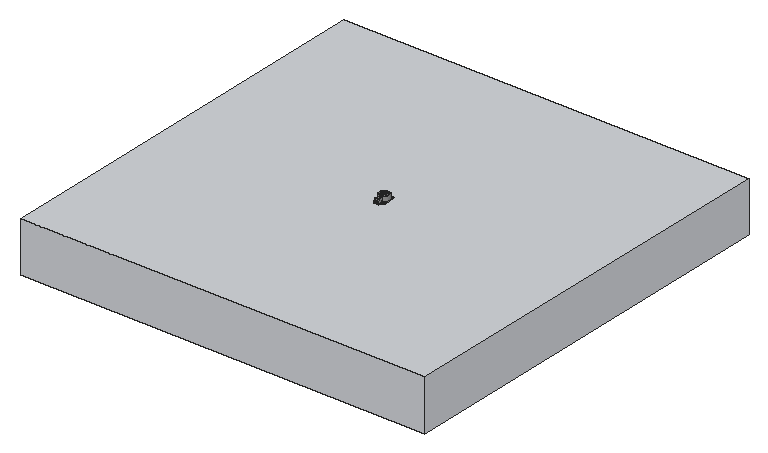
Revit family "Hekatron_Feststellanlagen_THM 425_DE_22.01", category Brandmelder, Revit 2018
Family settings
  Basisbauteil = Fläche
  Beschriftungsausrichtung beibehalten = Nein
  Bemaßung runder Anschluss = Durchmesser verwenden
  Teiletyp = Normal
  Beim Laden mit Abzugskörper schneiden = Nein
  Gemeinsam genutzt = Nein
  Raumberechnungspunkt = Nein
Parameters (values of type "THM 425")
  Zulässige Umgebungstemperatur = "0 °C bis +50 °C"
  Zulässige Luftgeschwindigkeit = ""
  Zulassungen nach EN 54 = ""
  Width [instance] = 65 mm
  Version des BIM Objektes = "22.01"
  VdS-Anerkennung = ""
  URL = "https://www.hekatron-brandschutz.de"
  UB A&S Artikel Nummer = "6500016"
  Typenkommentare = "Türhaftmagnet THM 425"
  Tiefe (mm) = "65.0"
  Stromaufnahme = "max. 63mA"
  Schutzart = "IP 40"
  Rauchteil einstellbar = ""
  Nettogewicht (g) = ""
  Montageart = "Aufputz"
  Modell = "THM 425"
  Material = "Metall"
  Link zum Datenblatt = ""
  Link zu ausschreiben.de = "http://www.ausschreiben.de/katalog/Hekatron/position/61"
  Link zu Produktinformation = "https://www.hekatron-planungstools.de/Produktinfo/THM_425.PDF"
  Link zu Ausschreibungstext = "https://www.meinhplus.de/login"
  Leistungserklärung (DoP) = "CPR-31-13-502-de-en"
  Lautstärke DIN-Ton (dB) = ""
  Kabeleinführung = "unten"
  Höhe (mm) = "93.0"
  Hersteller = "Hekatron"
  Heigth [instance] = 93 mm
  Funktionsprinzip = ""
  Farbe = "Metall / Schwarz"
  Ex-Zonen = ""
  Einstellung Temperaturklasse nach EN 54-5 = ""
  Einstellung Temperaturindex nach EN 54-5 = ""
  Einstellung Rauchempfindlichkeit nach EN 54-20 = ""
  Einstellen Rauchempfindlichkeit nach EN 54-7 = ""
  EG-Konformitätszertifikat / Zertifikat der Leistungsbeständigkeit = "0786-CPR-21432"
  Durchmesser (mm) = ""
  Depth [instance] = 26.4 mm
  Vorgabe-Ansicht = 1200 mm
  Breite (mm) = "26.0"
  Betriebsspannung = "24 V DC"
  Beschreibung = "Türhaftmagnet in runder Bauform mit verdeckten Anschlussklemmen. Mit Verpolschutz und Löschdiode. Passend zur Ankerplatte ASS 65."
  Bauartgenehmigungen = "Z-6.500-2405, Z-6.500-2325, Z-6.500-2340, Z-6.500-2359, Z-6.500-2393, Z-6.500-2394, Z-6.500-2414, Z-6.500-2415, Z-6.500-2365, Z-6.500-2403, Z-6.500-2419, Z-6.500-2298, Z-6.500-2442, Z-6.500-2411, Z-6.500-2444, Z-6.500-2436, Z-6.500-2451, Z-6.500-2452, Z-6.500-2454, Z-6.500-2459, Z-6.500-2499, Z-6.500-2515"
  Anzahl Ansaugleitungen = ""
  Ansprechtemperatur = ""
  Alarm- & Empfindlichkeitsbereich = ""
Reference planes
  plane 1 "Center (Front/Back)": y = 0
  plane 2: z = 0
  plane 3 "Center (Left/Right)": x = 0
Forms (mm)
  Extrusion 1, solid
    sketch origin (0, 0, 0) x (1, 0, 0) y (0, 1, 0)
      loop
        line (-1219.2, 1219.2) -> (-1219.2, -1219.2) -> (1219.2, -1219.2) -> (1219.2, 1219.2) -> (-1219.2, 1219.2)
    from 0 to -304.8
  Extrusion 2, solid, material "Stainless Steel"
    sketch origin (0, 0, 0) x (1, 0, 0) y (0, 1, 0)
      loop
        line (-32.5, 32.5) -> (-32.5, -32.5) -> (-12.5, -60.5) -> (12.5, -60.5) -> (32.5, -32.5) -> (32.5, 32.5) -> (-32.5, 32.5)
      loop
        circle (0, 0) r 8.25
    from 0 to 3
  Revolve 3, void
    sketch origin (1.367, 27.5, 0) x (-1, 0, 0) y (0, 0, -1)
      loop
        line (-30.683, -3) -> (-26.133, -3) -> (-26.133, 0) -> (-28.283, 0) -> (-28.283, -0.8) -> (-30.683, -3)
      axis (-26.133, 0) -> (-26.133, -3)
    angle from 0 to 360
  Revolve 4, void
    sketch origin (-1.367, -27.5, 0) x (1, 0, 0) y (0, 0, -1)
      loop
        line (-30.683, -3) -> (-26.133, -3) -> (-26.133, 0) -> (-28.283, 0) -> (-28.283, -0.8) -> (-30.683, -3)
      axis (-26.133, 0) -> (-26.133, -3)
    angle from 0 to 360
  Revolve 5, void
    sketch origin (27.5, -1.367, 0) x (0, 1, 0) y (0, 0, -1)
      loop
        line (-30.683, -3) -> (-26.133, -3) -> (-26.133, 0) -> (-28.283, 0) -> (-28.283, -0.8) -> (-30.683, -3)
      axis (-26.133, 0) -> (-26.133, -3)
    angle from 0 to 360
  Revolve 6, void
    sketch origin (48.133, 0, 3) x (1, 0, 0) y (0, 0, 1)
      loop
        line (-30.683, -3) -> (-26.133, -3) -> (-26.133, 0) -> (-28.283, 0) -> (-28.283, -0.8) -> (-30.683, -3)
      axis (-26.133, 0) -> (-26.133, -3)
    angle from 0 to 360
  Revolve 7, void
    sketch origin (-1.367, 27.5, 0) x (1, 0, 0) y (0, 0, 1)
      loop
        line (-30.683, 3) -> (-28.283, 0.8) -> (-28.283, 0) -> (-26.133, 0) -> (-26.133, 3) -> (-30.683, 3)
      axis (-26.133, 0) -> (-26.133, 3)
    angle from 0 to 360
  Revolve 8, void
    sketch origin (15.133, -19.093, 3) x (1, 0, 0) y (0, 0, -1)
      loop
        line (-30.683, 3) -> (-28.283, 0.8) -> (-28.283, 0) -> (-26.133, 0) -> (-26.133, 3) -> (-30.683, 3)
      axis (-26.133, 0) -> (-26.133, 3)
    angle from 0 to 360
  Revolve 9, void
    sketch origin (15.133, 19.093, 3) x (1, 0, 0) y (0, 0, 1)
      loop
        line (-30.683, -3) -> (-26.133, -3) -> (-26.133, 0) -> (-28.283, 0) -> (-28.283, -0.8) -> (-30.683, -3)
      axis (-26.133, 0) -> (-26.133, -3)
    angle from 0 to 360
  Extrusion 10, solid, material "Stainless Steel"
    sketch origin (0, 0, 0) x (1, 0, 0) y (0, 1, 0)
      loop
        circle (0, 0) r 30
      loop
        circle (0, 0) r 26.01
    from 3 to 26.1
  Extrusion 11, solid, material "Neodymium"
    sketch origin (0, 0, 0) x (1, 0, 0) y (0, 1, 0)
      loop
        circle (0, 0) r 26.01
      loop
        circle (0, 0) r 14.99
    from 3 to 25.8
  Extrusion 12, solid, material "Silver"
    sketch origin (0, 0, 0) x (1, 0, 0) y (0, 1, 0)
      loop
        circle (0, 0) r 14.99
      loop
        circle (0, 0) r 3.08
    from 3 to 26.1
  Extrusion 13, solid, material "Silver"
    sketch origin (0, 0, 0) x (1, 0, 0) y (0, 1, 0)
      loop
        circle (0, 0) r 3.08
    from 3 to 25.8
  Extrusion 14, solid, material "Brass"
    sketch origin (0, 0, 0) x (1, 0, 0) y (0, 1, 0)
      loop
        circle (0, 0) r 2.75
    from 25.8 to 26.4
  Extrusion 15, void
    sketch origin (0, 0, 0) x (1, 0, 0) y (0, 1, 0)
      loop
        line (-12, -42.5) -> (-20, -42.5) -> (-20, -43.5) -> (-12, -43.5) -> (-12, -42.5)
      loop
        line (16.5, -42.5) -> (16.5, -39) -> (15.5, -39) -> (15.5, -42.5) -> (12, -42.5) -> (12, -43.5) -> (15.5, -43.5) -> (15.5, -47) -> (16.5, -47) -> (16.5, -43.5) -> (20, -43.5) -> (20, -42.5) -> (16.5, -42.5)
    from 2.8 to 6.571
  Extrusion 16, solid, material "PC/ABS Plastic"
    sketch origin (0, 0, 0) x (1, 0, 0) y (0, 1, 0)
      loop
        arc (-8.5, -30) -> (-10.268, -30.732) -> (-11, -32.5) r 2.5
        line (-11, -32.5) -> (-11, -58)
        arc (-11, -58) -> (-10.268, -59.768) -> (-8.5, -60.5) r 2.5
        line (-8.5, -60.5) -> (8.5, -60.5)
        arc (8.5, -60.5) -> (10.268, -59.768) -> (11, -58) r 2.5
        line (11, -58) -> (11, -32.5)
        arc (11, -32.5) -> (10.268, -30.732) -> (8.5, -30) r 2.5
        line (8.5, -30) -> (-8.5, -30)
    from 3 to 22.3
  Sweep 17, void
    path in 3D
      loop
        arc (-11, -58, 22.3) -> (-10.268, -59.768, 22.3) -> (-8.5, -60.5, 22.3) r 2.5
        line (-8.5, -60.5, 22.3) -> (8.5, -60.5, 22.3)
        arc (8.5, -60.5, 22.3) -> (10.268, -59.768, 22.3) -> (11, -58, 22.3) r 2.5
        line (11, -58, 22.3) -> (11, -32.5, 22.3)
        arc (11, -32.5, 22.3) -> (10.268, -30.732, 22.3) -> (8.5, -30, 22.3) r 2.5
        line (8.5, -30, 22.3) -> (-8.5, -30, 22.3)
        arc (-8.5, -30, 22.3) -> (-10.268, -30.732, 22.3) -> (-11, -32.5, 22.3) r 2.5
        line (-11, -32.5, 22.3) -> (-11, -58, 22.3)
    profile origin (-11, -45.25, 22.3) x (1, 0, 0) y (0, 0, 1)
      loop
        line (0, 0) -> (0, -2.4)
        arc (0, -2.4) -> (0.703, -0.703) -> (2.4, 0) r 2.4
        line (2.4, 0) -> (0, 0)
  Extrusion 18, void
    sketch origin (0, 0, 0) x (1, 0, 0) y (0, 0, 1)
      loop
        arc (-3, 7) -> (-5, 9) -> (-7, 7) r 2
        line (-7, 7) -> (-7, 4.5)
        arc (-7, 4.5) -> (-7.439, 3.439) -> (-8.5, 3) r 1.5
        line (-8.5, 3) -> (-1.5, 3)
        arc (-1.5, 3) -> (-2.561, 3.439) -> (-3, 4.5) r 1.5
        line (-3, 4.5) -> (-3, 7)
      loop
        line (1.5, 3) -> (8.5, 3)
        arc (8.5, 3) -> (7.439, 3.439) -> (7, 4.5) r 1.5
        line (7, 4.5) -> (7, 7)
        arc (7, 7) -> (5, 9) -> (3, 7) r 2
        line (3, 7) -> (3, 4.5)
        arc (3, 4.5) -> (2.561, 3.439) -> (1.5, 3) r 1.5
    from 58.5 to 64.513
  Extrusion 19, solid, material "PC/ABS Plastic"
    sketch origin (0, 0, 0) x (1, 0, 0) y (0, 1, 0)
      loop
        line (8, -46) -> (-8, -46)
        arc (-8, -46) -> (-8.707, -46.293) -> (-9, -47) r 1
        line (-9, -47) -> (-9, -57)
        arc (-9, -57) -> (-8.707, -57.707) -> (-8, -58) r 1
        line (-8, -58) -> (8, -58)
        arc (8, -58) -> (8.707, -57.707) -> (9, -57) r 1
        line (9, -57) -> (9, -47)
        arc (9, -47) -> (8.707, -46.293) -> (8, -46) r 1
    from 22.3 to 22.6
  Blend 20, solid, material "Stainless Steel"
    base sketch origin (0, 0, 0) x (1, 0, 0) y (0, 1, 0)
      loop
        circle (-11, 19.093) r 4.2
    top sketch origin (0, 0, 0) x (1, 0, 0) y (0, 1, 0)
      loop
        circle (-11, 19.093) r 1.8
    from 0 to 2.2
  Extrusion 21, void
    sketch origin (0, 0, 0) x (1, 0, 0) y (0, 0, 1)
      loop
        line (-7, 9) -> (-7, 4.5)
        arc (-7, 4.5) -> (-7.439, 3.439) -> (-8.5, 3) r 1.5
        line (-8.5, 3) -> (8.5, 3)
        arc (8.5, 3) -> (7.439, 3.439) -> (7, 4.5) r 1.5
        line (7, 4.5) -> (7, 9)
        arc (7, 9) -> (4.95, 13.95) -> (0, 16) r 7
        arc (0, 16) -> (-4.95, 13.95) -> (-7, 9) r 7
    from 24.283 to 32
  Extrusion 22, void
    sketch origin (0, 0, 0) x (1, 0, 0) y (0, 1, 0)
      loop
        line (-11.515, -16.853) -> (-11.515, -18.538) -> (-13.2, -18.538) -> (-13.2, -19.568) -> (-11.515, -19.568) -> (-11.515, -21.253) -> (-10.485, -21.253) -> (-10.485, -19.568) -> (-8.8, -19.568) -> (-8.8, -18.538) -> (-10.485, -18.538) -> (-10.485, -16.853) -> (-11.515, -16.853)
    from 1 to -2.487
  Extrusion 23, void
    sketch origin (33, -19.093, 0) x (1, 0, 0) y (0, 1, 0)
      loop
        line (-11.515, 16.853) -> (-10.485, 16.853) -> (-10.485, 18.538) -> (-8.8, 18.538) -> (-8.8, 19.568) -> (-10.485, 19.568) -> (-10.485, 21.253) -> (-11.515, 21.253) -> (-11.515, 19.568) -> (-13.2, 19.568) -> (-13.2, 18.538) -> (-11.515, 18.538) -> (-11.515, 16.853)
    from 1 to -2.487
  Blend 24, solid, material "Stainless Steel"
    base sketch origin (33, -19.093, 0) x (1, 0, 0) y (0, 1, 0)
      loop
        circle (-11, 19.093) r 4.2
    top sketch origin (33, -19.093, 0) x (1, 0, 0) y (0, 1, 0)
      loop
        circle (-11, 19.093) r 1.8
    from 0 to 2.2
  Blend 25, solid, material "Stainless Steel"
    base sketch origin (0, 0, 0) x (1, 0, 0) y (0, 1, 0)
      loop
        circle (-11, -19.093) r 4.2
    top sketch origin (0, 0, 0) x (1, 0, 0) y (0, 1, 0)
      loop
        circle (-11, -19.093) r 1.8
    from 0 to 2.2
  Extrusion 26, void
    sketch origin (0, 0, 0) x (1, 0, 0) y (0, 1, 0)
      loop
        line (-11.515, 16.853) -> (-10.485, 16.853) -> (-10.485, 18.538) -> (-8.8, 18.538) -> (-8.8, 19.568) -> (-10.485, 19.568) -> (-10.485, 21.253) -> (-11.515, 21.253) -> (-11.515, 19.568) -> (-13.2, 19.568) -> (-13.2, 18.538) -> (-11.515, 18.538) -> (-11.515, 16.853)
    from 1 to -2.487
Cuts and joins
  Revolve 3, Revolve 4, Revolve 5, Revolve 6, Revolve 7, Revolve 8, Revolve 9, Extrusion 15 cuts Extrusion 2
  joined: Extrusion 2, Extrusion 10
  joined: Extrusion 12, Extrusion 13
  Sweep 17, Extrusion 18, Extrusion 21 cuts Extrusion 16
  Extrusion 22, Extrusion 26 cuts Blend 25
  Extrusion 26 cuts Blend 20
  Extrusion 23 cuts Blend 24
Lines and regions (mm)
  sketch lines
    curve 1: line (-11, -32.5, 22.3) -> (-11, -58, 22.3)
    curve 2: arc (-11, -32.5, 22.3) -> (-10.268, -30.732, 22.3) -> (-8.5, -30, 22.3) r 2.5
    curve 3: line (8.5, -30, 22.3) -> (-8.5, -30, 22.3)
    curve 4: arc (8.5, -30, 22.3) -> (10.268, -30.732, 22.3) -> (11, -32.5, 22.3) r 2.5
    curve 5: line (11, -58, 22.3) -> (11, -32.5, 22.3)
    curve 6: arc (11, -58, 22.3) -> (10.268, -59.768, 22.3) -> (8.5, -60.5, 22.3) r 2.5
    curve 7: line (-8.5, -60.5, 22.3) -> (8.5, -60.5, 22.3)
    curve 8: arc (-8.5, -60.5, 22.3) -> (-10.268, -59.768, 22.3) -> (-11, -58, 22.3) r 2.5
Dimensions and locks
  "Heigth": cut or joined group 1 (Extrusion 2, Revolve 3, Revolve 4, Revolve 5, Revolve 6, Revolve 7, Revolve 8, Revolve 9, Extrusion 10, Extrusion 15) to cut or joined group 1
  "Width": cut or joined group 1 to cut or joined group 1
  "Depth": Extrusion 14 to Extrusion 1
  aligned and locked: plane 2 to Extrusion 1
  aligned and locked: level to Extrusion 1
Automatic sketch dimensions
  Extrusion 1 sketch curve to Extrusion 1 sketch curve = 2438.4 mm  (x2)
  Extrusion 2 sketch curve to Extrusion 2 sketch curve = 0 mm  (x2)
  plane 1 "Center (Front/Back)" to Extrusion 2 sketch curve = 0 mm
  Extrusion 2 sketch curve to plane 3 "Center (Left/Right)" = 0 mm
  Extrusion 2 sketch curve to plane 3 "Center (Left/Right)" = 12.5 mm
  Extrusion 2 sketch curve to plane 3 "Center (Left/Right)" = 32.5 mm
  plane 3 "Center (Left/Right)" to Extrusion 2 sketch curve = 12.5 mm
  plane 3 "Center (Left/Right)" to Extrusion 2 sketch curve = 32.5 mm
  plane 1 "Center (Front/Back)" to Extrusion 2 sketch curve = 32.5 mm  (x2)
  Extrusion 2 sketch curve to Extrusion 2 sketch curve = 28 mm
  Extrusion 2 sketch curve to plane 1 "Center (Front/Back)" = 32.5 mm
  Extrusion 2 sketch curve to Extrusion 2 sketch curve = 8.25 mm
  Revolve 3 sketch curve to level = 0 mm  (x2)
  level to Revolve 3 sketch curve = 3 mm
  plane 3 "Center (Left/Right)" to Revolve 3 sketch curve = 32.05 mm
  Revolve 3 sketch curve to Revolve 3 sketch curve = 2.4 mm
  Revolve 3 sketch curve to Revolve 3 sketch curve = 2.15 mm
  Revolve 3 sketch curve to Revolve 3 sketch curve = 0.8 mm
  Revolve 3 sketch curve to Revolve 3 sketch curve = 0 mm  (x2)
  Revolve 4 sketch curve to level = 0 mm  (x2)
  level to Revolve 4 sketch curve = 3 mm
  Revolve 4 sketch curve to plane 3 "Center (Left/Right)" = 32.05 mm
  Revolve 4 sketch curve to Revolve 4 sketch curve = 2.4 mm
  Revolve 4 sketch curve to Revolve 4 sketch curve = 2.15 mm
  Revolve 4 sketch curve to Revolve 4 sketch curve = 0.8 mm
  Revolve 4 sketch curve to Revolve 4 sketch curve = 0 mm  (x2)
  Revolve 5 sketch curve to level = 0 mm  (x2)
  level to Revolve 5 sketch curve = 3 mm
  plane 1 "Center (Front/Back)" to Revolve 5 sketch curve = 32.05 mm
  Revolve 5 sketch curve to Revolve 5 sketch curve = 2.4 mm
  Revolve 5 sketch curve to Revolve 5 sketch curve = 2.15 mm
  Revolve 5 sketch curve to Revolve 5 sketch curve = 0.8 mm
  Revolve 5 sketch curve to Revolve 5 sketch curve = 0 mm  (x2)
  Revolve 6 sketch curve to level = 0 mm  (x2)
  plane 3 "Center (Left/Right)" to Revolve 6 sketch curve = 17.45 mm
  Revolve 6 sketch curve to Revolve 6 sketch curve = 2.4 mm
  Revolve 6 sketch curve to Revolve 6 sketch curve = 2.15 mm
  level to Revolve 6 sketch curve = 2.2 mm
  Revolve 6 sketch curve to Revolve 6 sketch curve = 0.8 mm
  Revolve 6 sketch curve to Revolve 6 sketch curve = 0 mm  (x2)
  Revolve 7 sketch curve to level = 0 mm  (x2)
  level to Revolve 7 sketch curve = 3 mm
  Revolve 7 sketch curve to plane 3 "Center (Left/Right)" = 32.05 mm
  Revolve 7 sketch curve to Revolve 7 sketch curve = 2.4 mm
  Revolve 7 sketch curve to Revolve 7 sketch curve = 2.15 mm
  Revolve 7 sketch curve to Revolve 7 sketch curve = 0.8 mm
  Revolve 7 sketch curve to Revolve 7 sketch curve = 0 mm  (x2)
  Revolve 8 sketch curve to level = 0 mm  (x2)
  Revolve 8 sketch curve to plane 3 "Center (Left/Right)" = 15.55 mm
  Revolve 8 sketch curve to Revolve 8 sketch curve = 2.4 mm
  Revolve 8 sketch curve to Revolve 8 sketch curve = 2.15 mm
  level to Revolve 8 sketch curve = 2.2 mm
  Revolve 8 sketch curve to Revolve 8 sketch curve = 0.8 mm
  Revolve 8 sketch curve to Revolve 8 sketch curve = 0 mm  (x2)
  Revolve 9 sketch curve to level = 0 mm  (x2)
  Revolve 9 sketch curve to plane 3 "Center (Left/Right)" = 15.55 mm
  Revolve 9 sketch curve to Revolve 9 sketch curve = 2.4 mm
  Revolve 9 sketch curve to Revolve 9 sketch curve = 2.15 mm
  level to Revolve 9 sketch curve = 2.2 mm
  Revolve 9 sketch curve to Revolve 9 sketch curve = 0.8 mm
  Revolve 9 sketch curve to Revolve 9 sketch curve = 0 mm  (x2)
  Extrusion 10 sketch curve to Extrusion 10 sketch curve = 0 mm  (x12)
  plane 1 "Center (Front/Back)" to Extrusion 10 sketch curve = 0 mm
  Extrusion 10 sketch curve to plane 3 "Center (Left/Right)" = 0 mm
  plane 1 "Center (Front/Back)" to Extrusion 10 sketch curve = 26.01 mm
  Extrusion 10 sketch curve to Extrusion 10 sketch curve = 3.99 mm
  Extrusion 11 sketch curve to Extrusion 11 sketch curve = 0 mm  (x12)
  plane 1 "Center (Front/Back)" to Extrusion 11 sketch curve = 0 mm
  Extrusion 11 sketch curve to plane 3 "Center (Left/Right)" = 0 mm
  plane 1 "Center (Front/Back)" to Extrusion 11 sketch curve = 14.99 mm
  Extrusion 11 sketch curve to Extrusion 11 sketch curve = 11.02 mm
  Extrusion 12 sketch curve to Extrusion 12 sketch curve = 0 mm  (x12)
  plane 1 "Center (Front/Back)" to Extrusion 12 sketch curve = 0 mm
  Extrusion 12 sketch curve to plane 3 "Center (Left/Right)" = 0 mm
  plane 1 "Center (Front/Back)" to Extrusion 12 sketch curve = 3.08 mm
  Extrusion 12 sketch curve to Extrusion 12 sketch curve = 11.91 mm
  Extrusion 13 sketch curve to Extrusion 13 sketch curve = 0 mm  (x2)
  Extrusion 13 sketch curve to plane 3 "Center (Left/Right)" = 0 mm
  plane 1 "Center (Front/Back)" to Extrusion 13 sketch curve = 0 mm
  plane 1 "Center (Front/Back)" to Extrusion 13 sketch curve = 3.08 mm
  Extrusion 14 sketch curve to Extrusion 14 sketch curve = 0 mm  (x2)
  Extrusion 14 sketch curve to plane 3 "Center (Left/Right)" = 0 mm
  plane 1 "Center (Front/Back)" to Extrusion 14 sketch curve = 0 mm
  plane 1 "Center (Front/Back)" to Extrusion 14 sketch curve = 2.75 mm
  Extrusion 15 sketch curve to plane 3 "Center (Left/Right)" = 20 mm
  Extrusion 15 sketch curve to Extrusion 15 sketch curve = 8 mm
  plane 3 "Center (Left/Right)" to Extrusion 15 sketch curve = 12 mm
  Extrusion 15 sketch curve to Extrusion 15 sketch curve = 3.5 mm  (x5)
  Extrusion 15 sketch curve to Extrusion 15 sketch curve = 0 mm  (x2)
  Extrusion 15 sketch curve to Extrusion 15 sketch curve = 1 mm  (x5)
  plane 1 "Center (Front/Back)" to Extrusion 15 sketch curve = 47 mm
  Extrusion 16 sketch curve to plane 3 "Center (Left/Right)" = 11 mm
  Extrusion 16 sketch curve to Extrusion 16 sketch curve = 2.5 mm  (x3)
  plane 3 "Center (Left/Right)" to Extrusion 16 sketch curve = 8.5 mm  (x2)
  plane 1 "Center (Front/Back)" to Extrusion 16 sketch curve = 60.5 mm
  Extrusion 16 sketch curve to Extrusion 16 sketch curve = 25.5 mm
  profile plane to Sweep 17 sketch curve = 0 mm
  Sweep 17 sketch curve to profile plane = 0 mm
  Sweep 17 sketch curve to profile plane = 2.4 mm
  level to Extrusion 18 sketch curve = 3 mm
  Extrusion 18 sketch curve to plane 3 "Center (Left/Right)" = 8.5 mm
  Extrusion 18 sketch curve to Extrusion 18 sketch curve = 1.5 mm  (x3)
  Extrusion 18 sketch curve to Extrusion 18 sketch curve = 2 mm  (x2)
  Extrusion 18 sketch curve to plane 3 "Center (Left/Right)" = 1.5 mm
  plane 3 "Center (Left/Right)" to Extrusion 18 sketch curve = 1.5 mm
  level to Extrusion 18 sketch curve = 4.5 mm
  Extrusion 18 sketch curve to Extrusion 18 sketch curve = 0 mm  (x4)
  Extrusion 18 sketch curve to Extrusion 18 sketch curve = 2.5 mm  (x2)
  Extrusion 19 sketch curve to plane 3 "Center (Left/Right)" = 9 mm
  Extrusion 19 sketch curve to Extrusion 19 sketch curve = 1 mm  (x3)
  plane 3 "Center (Left/Right)" to Extrusion 19 sketch curve = 8 mm  (x2)
  plane 1 "Center (Front/Back)" to Extrusion 19 sketch curve = 58 mm
  Extrusion 19 sketch curve to Extrusion 19 sketch curve = 10 mm
  Blend 20 sketch curve to plane 3 "Center (Left/Right)" = 11 mm  (x2)
  Blend 20 sketch curve to plane 1 "Center (Front/Back)" = 19.093 mm  (x2)
  Extrusion 21 sketch curve to Extrusion 21 sketch curve = 0 mm  (x5)
  Extrusion 21 sketch curve to plane 3 "Center (Left/Right)" = 0 mm
  Extrusion 21 sketch curve to Extrusion 21 sketch curve = 7 mm
  Extrusion 21 sketch curve to Extrusion 21 sketch curve = 1.5 mm  (x2)
  level to Extrusion 21 sketch curve = 4.5 mm  (x2)
  Extrusion 21 sketch curve to Extrusion 21 sketch curve = 4.5 mm
  Extrusion 22 sketch curve to plane 3 "Center (Left/Right)" = 13.2 mm
  Extrusion 22 sketch curve to Extrusion 22 sketch curve = 1.685 mm  (x5)
  Extrusion 22 sketch curve to Extrusion 22 sketch curve = 1.03 mm  (x4)
  plane 1 "Center (Front/Back)" to Extrusion 22 sketch curve = 21.253 mm
  Extrusion 22 sketch curve to Extrusion 22 sketch curve = 0 mm
  plane 1 "Center (Front/Back)" to Extrusion 23 sketch curve = 0.475 mm  (x2)
  Extrusion 23 sketch curve to plane 3 "Center (Left/Right)" = 19.8 mm
  Extrusion 23 sketch curve to Extrusion 23 sketch curve = 1.685 mm  (x5)
  Extrusion 23 sketch curve to Extrusion 23 sketch curve = 1.03 mm  (x2)
  Extrusion 23 sketch curve to plane 1 "Center (Front/Back)" = 0.555 mm  (x2)
  plane 1 "Center (Front/Back)" to Blend 24 sketch curve = 0 mm  (x2)
  plane 3 "Center (Left/Right)" to Blend 24 sketch curve = 22 mm  (x2)
  Blend 25 sketch curve to plane 3 "Center (Left/Right)" = 11 mm
  plane 1 "Center (Front/Back)" to Blend 25 sketch curve = 19.093 mm
  plane 3 "Center (Left/Right)" to Blend 25 sketch curve = 11 mm
  Blend 25 sketch curve to plane 1 "Center (Front/Back)" = 19.093 mm
  plane 3 "Center (Left/Right)" to Extrusion 26 sketch curve = 13.2 mm
  Extrusion 26 sketch curve to Extrusion 26 sketch curve = 1.685 mm  (x5)
  Extrusion 26 sketch curve to Extrusion 26 sketch curve = 1.03 mm  (x4)
  plane 1 "Center (Front/Back)" to Extrusion 26 sketch curve = 21.253 mm
  Extrusion 26 sketch curve to Extrusion 26 sketch curve = 0 mm
  radius of Blend 20 sketch curve = 4.2 mm
  radius of Blend 20 sketch curve = 1.8 mm
  radius of Blend 24 sketch curve = 4.2 mm
  radius of Blend 24 sketch curve = 1.8 mm
  radius of Blend 25 sketch curve = 4.2 mm
  radius of Blend 25 sketch curve = 1.8 mm
Connectors
  electrical at (0, 0, 0)
    settings: index 1, voltage 0 V, apparent load 0 VA, apparent load phase1 0 VA, apparent load phase2 0 VA, apparent load phase3 0 VA, power factor 1, load classification "Other", number of poles 1, system type 11, power factor state 1, is connector primary yes, connector utility no, sub classification motor no, connector description ""
